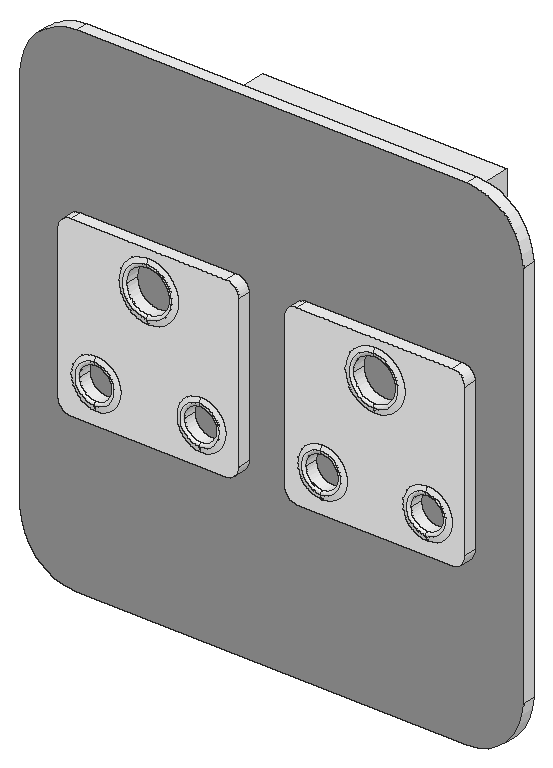
Revit family "EF_Veti-4x4-2-16Amp-Plug-Point-No-Switching", category Electrical Fixtures, Revit 2016
Family settings
  Maintain Annotation Orientation = No
  Part Type = Normal
  Round Connector Dimension = Use Diameter
  Work Plane-Based = No
  Always vertical = Yes
  Cut with Voids When Loaded = No
  Shared = No
  Room Calculation Point = No
Parameters (values of type "2 x 16Amp Plug Point No Switching")
  Voltage_x = 220 V
  URL for TCP = "http://www.tcpbim.co.za"
  URL = "http://www.major-tech.com/15-veti"
  Type Comments = "Plug Points"
  Switch Voltage = Voltage_x  # 220 V
  Plug Point Height [instance] = 1200 mm
  Materials [instance] = 0 mm
  Manufacturer = "VETI"
  Made by = "Tolani Civil Projects cc"
  Load = 2860 VA
  Description = "4x4 2 16Amp Plug Point No Switching"
  Amperage = 16 A
Reference planes
  plane 1 "Center (Front/Back)": y = 0
  plane 2: z = 0
  plane 3 "Center (Left/Right)": x = 0
Forms (mm)
  Extrusion 1, solid, material "Plastic White"
    sketch origin (-181.105, 75, 0) x (1, 0, 0) y (0, 0, 1)
      loop
        arc (103.605, 1400) -> (87.695, 1393.41) -> (81.105, 1377.5) r 22.5
        line (81.105, 1377.5) -> (81.105, 1222.5)
        arc (81.105, 1222.5) -> (87.695, 1206.59) -> (103.605, 1200) r 22.5
        line (103.605, 1200) -> (258.605, 1200)
        arc (258.605, 1200) -> (274.515, 1206.59) -> (281.105, 1222.5) r 22.5
        line (281.105, 1222.5) -> (281.105, 1377.5)
        arc (281.105, 1377.5) -> (274.515, 1393.41) -> (258.605, 1400) r 22.5
        line (258.605, 1400) -> (103.605, 1400)
    from 75 to 80
  Extrusion 2, solid, material "Plastic White"
    sketch origin (-166.105, 0, 0) x (-1, 0, 0) y (0, 0, 1)
      loop
        line (-214.439, 1370) -> (-214.439, 1360) -> (-117.772, 1360) -> (-117.772, 1370) -> (-214.439, 1370)
    from 0 to 51.204
Cuts and joins
  joined: Extrusion 1, Extrusion 2
Dimensions and locks
  Extrusion 1 sketch curve to Extrusion 1 sketch curve = 200 mm
  Extrusion 2 sketch curve to Extrusion 2 sketch curve to Extrusion 1 = 10 mm, 30 mm
  Extrusion 2 sketch curve to Extrusion 2 sketch curve = 96.667 mm
  cut or joined group of Extrusion 1, Extrusion 2 to cut or joined group of Extrusion 1, Extrusion 2 = 200 mm
  cut or joined group of Extrusion 1, Extrusion 2 to cut or joined group of Extrusion 1, Extrusion 2 to cut or joined group of Extrusion 1, Extrusion 2 to cut or joined group of Extrusion 1, Extrusion 2 = 30 mm locked, 10 mm locked, 160 mm locked
  cut or joined group of Extrusion 1, Extrusion 2 to cut or joined group of Extrusion 1, Extrusion 2 to cut or joined group of Extrusion 1, Extrusion 2 = 51.204 mm locked, 5 mm locked
  cut or joined group of Extrusion 1, Extrusion 2 to cut or joined group of Extrusion 1, Extrusion 2 = 96.667 mm
  locked: cut or joined group of Extrusion 1, Extrusion 2 to plane 1 "Center (Front/Back)"
  plane 3 "Center (Left/Right)" to Extrusion 1 sketch curve = 100 mm
  locked: plane 3 "Center (Left/Right)" to cut or joined group of Extrusion 1, Extrusion 2 at 48.333
  cut or joined group of Extrusion 1, Extrusion 2 to nested 3 to nested 2 to cut or joined group of Extrusion 1, Extrusion 2 = 64.404 mm locked, 70.13 mm locked, 65.465 mm locked
  nested 3 to plane 3 "Center (Left/Right)" to nested 2 = 9.157 mm locked, 9.11 mm locked
  "Plug Point Height": cut or joined group of Extrusion 1, Extrusion 2 to level
  aligned and locked: level to plane 2
  aligned and locked: nested 1 to plane 1 "Center (Front/Back)"
  aligned and locked: nested 3 to cut or joined group of Extrusion 1, Extrusion 2
  aligned and locked: cut or joined group of Extrusion 1, Extrusion 2 to nested 2
Automatic sketch dimensions
  Extrusion 1 sketch curve to plane 3 "Center (Left/Right)" = 77.5 mm
  plane 3 "Center (Left/Right)" to Extrusion 1 sketch curve = 77.5 mm  (x2)
  level to Extrusion 1 sketch curve = 1200 mm
  Extrusion 1 sketch curve to Extrusion 1 sketch curve = 22.5 mm  (x2)
  Extrusion 2 sketch curve to Extrusion 1 = 51.667 mm  (x2)
Nested families
  nested 1: "Power Point Test 1" at (0, 0, 0) x (-1, 0, 0) z (0, 0, 1), type "Receptacle Symbol"
  nested 2: "Plug Plate" at (44.977, -5, 220.136), type "Plug Plate"
  nested 3: "Plug Plate" at (-45.023, -5, 220.136) x (-1, 0, 0) z (0, 0, 1), type "Plug Plate"
Connectors
  electrical at (0, 25.602, 1370), driven by "Voltage_x", driven by "Load"
    settings: on cut or joined group of Extrusion 1, Extrusion 2, index 2, voltage 220 V, apparent load 0 VA, apparent load phase1 2860 VA, apparent load phase2 0 VA, apparent load phase3 0 VA, power factor 1, load classification "Other", number of poles 1, system type 31, power factor state 1, is connector primary yes, connector utility no, sub classification motor no, connector description ""
  electrical at (0, 25.602, 1370), driven by "Voltage_x", driven by "Load"
    settings: on cut or joined group of Extrusion 1, Extrusion 2, index 3, voltage 220 V, apparent load 0 VA, apparent load phase1 2860 VA, apparent load phase2 0 VA, apparent load phase3 0 VA, power factor 1, load classification "Other", number of poles 1, system type 31, power factor state 1, is connector primary no, connector utility no, sub classification motor no, connector description ""
Definition of nested family "Plug Plate"
  Reference planes
    plane 1 "Center (Front/Back)": y = 0
    plane 2: z = 0
    plane 3 "Center (Left/Right)": x = 0
    plane 4: x = 0
    plane 5: z = 1100.459
    plane 6: x = 20.867
    plane 7: x = -20.897
    plane 8: z = 1060.329
    plane 9: x = -35.867
    plane 10: x = 35.867
    plane 11 "Left": x = -20.897
    plane 12 "Right": x = 20.867
    plane 13: z = 1060.329
    plane 14: z = 1100.459
  Forms (mm)
    Extrusion 1, solid
      sketch origin (38.868, 0, -0.675) x (1, 0, 0) y (0, 0, 1)
        loop
          arc (-69.734, 1116.134) -> (-73.27, 1114.67) -> (-74.734, 1111.134) r 5
          line (-74.734, 1111.134) -> (-74.734, 1051.004)
          arc (-74.734, 1051.004) -> (-73.27, 1047.468) -> (-69.734, 1046.004) r 5
          line (-69.734, 1046.004) -> (-8.001, 1046.004)
          arc (-8.001, 1046.004) -> (-4.465, 1047.468) -> (-3.001, 1051.004) r 5
          line (-3.001, 1051.004) -> (-3.001, 1111.134)
          arc (-3.001, 1111.134) -> (-4.465, 1114.67) -> (-8.001, 1116.134) r 5
          line (-8.001, 1116.134) -> (-69.734, 1116.134)
        loop
          circle (-38.868, 1101.134) r 8.5
        loop
          circle (-59.764, 1061.004) r 6.5
        loop
          circle (-18.001, 1061.004) r 6.5
      from 5 to 0
    Revolve 2, solid
      sketch origin (-20.897, 0, 0) x (0, 0, -1) y (0, -1, 0)
        loop
          line (-1068.072, 5.593) -> (-1070.253, 4.968) -> (-1066.828, 4.968)
          arc (-1066.828, 4.968) -> (-1067.328, 5.524) -> (-1068.072, 5.593) r 1.027
        axis (-1060.329, 5.593) -> (-1060.329, 4.593)
      angle from 0 to 360
    Revolve 3, solid
      sketch origin (20.867, 0, 0) x (0, 0, -1) y (0, -1, 0)
        loop
          line (-1068.072, 5.593) -> (-1070.253, 4.968) -> (-1066.828, 4.968)
          arc (-1066.828, 4.968) -> (-1067.328, 5.524) -> (-1068.072, 5.593) r 1.027
        axis (-1060.329, 5.593) -> (-1060.329, 4.593)
      angle from 0 to 360
    Revolve 4, solid
      sketch origin (0, 0, 40.13) x (0, 0, -1) y (0, -1, 0)
        loop
          line (-1070.06, 5.593) -> (-1072.241, 4.968) -> (-1068.816, 4.968)
          arc (-1068.816, 4.968) -> (-1069.316, 5.524) -> (-1070.06, 5.593) r 1.027
        axis (-1060.329, 5.593) -> (-1060.329, 4.593)
      angle from 0 to 360
  Cuts and joins
    joined: Extrusion 1, Revolve 2, Revolve 3, Revolve 4
  Dimensions and locks
    aligned and locked: plane 2 to level
Definition of nested family "Power Point Test 1"
  Parameters
    Plug Point Height = 1200 mm
  Reference planes
    plane 1: y = 0
    plane 2: x = 0
  Lines and regions (mm)
    Filled region 1, type "Filled region 1"
      outline origin (0, 0, 0) x (1, 0, 0) y (0, 1, 0)
        loop
          arc (1.505, 0.736) -> (1.065, 1.797) -> (0.005, 2.236) r 1.5
          line (0.005, 2.236) -> (0.005, 0.736) -> (1.505, 0.736)
    detail lines
      curve 1: line (-0.442, -0.034, 0) -> (-0.442, 0.736, 0)
      curve 2: arc (1.505, 0.736, 0) -> (0.005, 2.236, 0) -> (-1.495, 0.736, 0) r 1.5
      curve 3: line (0.451, -0.034, 0) -> (0.451, 0.736, 0)
      curve 4: line (-1.495, 0.736, 0) -> (1.505, 0.736, 0)
      curve 5: line (0.005, 2.236, 0) -> (0.005, 0.736, 0)
      curve 6: line (-1.056, 1.797, 0) -> (-2.122, 2.863, 0)
      curve 7: line (-2.122, 2.863, 0) -> (-1.419, 3.566, 0)
      curve 8: line (-1.743, 2.484, 0) -> (-1.04, 3.186, 0)
  Text (mm)
    label "A" at (-0.392, 3.565, 0), shows "Plug Point Height"
    text "D" at (-0.841, 1.93, 0)
  Dimensions and locks
    curve 1 to curve 3 = 0.893 mm
